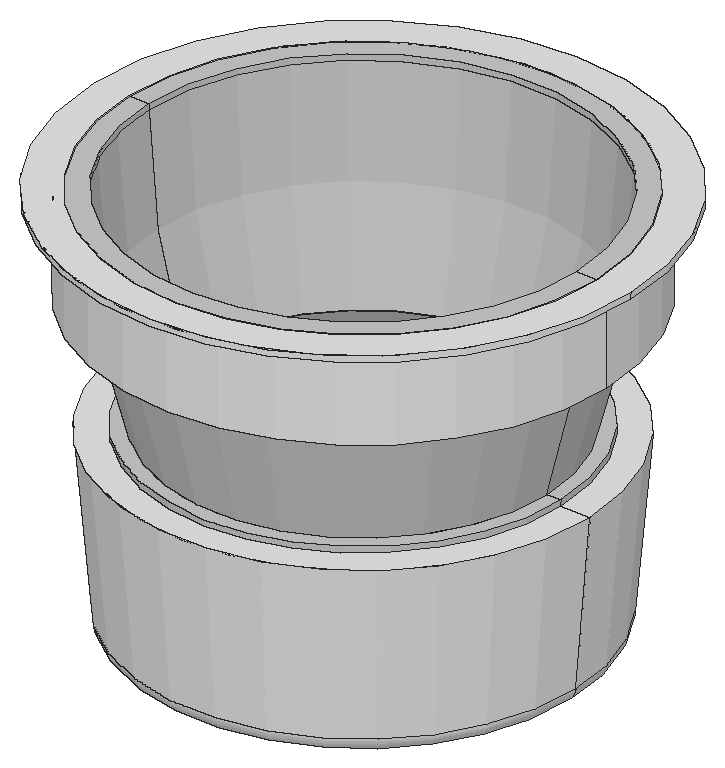
Revit family "2059361 Lighting Fixture_Sylvania_Ascent 150 II Round_Ceiling Recessed", category Lighting Fixtures, host Face, Revit 2017
Family settings
  Host = Face
  Round Connector Dimension = Use Diameter
  Part Type = Normal
  OmniClass Number = 23.80.70.11.17
  OmniClass Title = Specialized Lighting by Location or Use
  Cut with Voids When Loaded = No
  Light Source = Yes
  Shared = No
  Room Calculation Point = No
Parameters (values of type "ASCENT 150 II 2400 4K DALI")
  Upper Body Radius = Radius - 14.5 mm  # 80.0 mm
  Upper Body Material = Metal_Sylvania_Ascent 150 II_Black
  Ring Outer Diameter = Diameter - 17.0 mm  # 172.0 mm
  Ring Inner Diameter = Ring Outer Diameter - 4.0 mm  # 168.0 mm
  Reflector Material = Metal_Sylvania_Ascent 150 II_Polished
  Recessed Depth = 142.0 mm
  Radius = Diameter / 2  # 94.5 mm
  Light Emit  Diameter = Diameter - 38.0 mm  # 151.0 mm
  LOR = "100%"  # constant formula
  Inrush Current (max. quantity per 16A C breaker) = "80"  # constant formula
  Inner Reflector Radius = Inner Radius - 19.5 mm  # 63.0 mm
  Inner Radius = Inner Diameter / 2  # 82.5 mm
  Inner Diameter = Diameter - 24.0 mm  # 165.0 mm
  IP Rating = "IP44"  # constant formula
  IK Rating = "IK02"  # constant formula
  Glow Wire Test = 650 °C  # constant formula
  Energy Class = "A++,A+,A"  # constant formula
  Weight = 1.7 kg
  Wattage = 19.626 W
  built-in parameter 1150110 = 1 (stored number, unit not read)
  Voltage Comments = "UNV (Universal Voltage; 220-240 Volt)"  # constant formula
  Voltage = 230 V  # constant formula
  URL = "https://www.sylvania-lighting.com"
  built-in parameter 1114217 = 1 (stored number, unit not read)
  Tilt Angle = -90°
  built-in parameter 1150109 = 1 (stored number, unit not read)
  built-in parameter 1150134 = 12
  built-in parameter 1150113 = 1 (stored number, unit not read)
  Product Page URL = "https://www.sylvania-lighting.com/product/en-int/products/2059361"
  Product Family = "ASCENT 150 II ROUND"  # constant formula
  Photometry Comments = ""
  Photometric Web File = "2059361_ASCENT150II24004KDALI-206230.ies"
  Life = "50 000 h"  # constant formula
  Emit from Circle Diameter = Light Emit  Diameter  # 151.0 mm
  Emit Shape Visible in Rendering = no
  Emergency duration (h) = "N/A"
  Electrical Protection = "Class II"  # constant formula
  Drive Current = "700mA"  # constant formula
  Distribution type = "Direct"  # constant formula
  Diffuser Material = Glass_Sylvania_Ascent 150 II_Clear_4000K
  Diameter = 189.0 mm
  Cutout Diameter = Diameter - 13.0 mm  # 176.0 mm
  Colour consistency (SDCM) = "3 step"  # constant formula
  built-in parameter 1114216 [instance] = 1 (stored number, unit not read)
  Model = "ASCENT 150 II 2400 4K DALI"
  Manufacturer = "Feilo Sylvania"
  built-in parameter 1150105 = 1477.3 (stored number, unit not read)
  Lumens = 2414 lm
  built-in parameter 1150115 = 1 (stored number, unit not read)
  built-in parameter 1150137 = (empty or 0)
  built-in parameter 1150139 = (empty or 0)
  built-in parameter 1150112 = 1 (stored number, unit not read)
  built-in parameter 1150114 = 1 (stored number, unit not read)
  Lamp Comments = "Integrated LED"  # constant formula
  Lamp = "LED"  # constant formula
  built-in parameter 1150132 = 2
  built-in parameter 1150102 = (empty or 0)
  built-in parameter 1150107 = 4000 (stored number, unit not read)
  built-in parameter 1150138 = (empty or 0)
  built-in parameter 1150106 = 14.773 (stored number, unit not read)
  built-in parameter 1150104 = 11.427 (stored number, unit not read)
  Dimming Lamp Color Temperature Shift = <None>
  Description = "A very high efficient round downlight up to 127lm/W Long life >50,000hrs 4,000K and 3,000K CCT and CRI Ra85 IP44 rated for wet areas and bathrooms UGR <19 version for offices to comply with EN12464-1 Wide selection of decorative accessories"  # constant formula
  Default Elevation = 0.0 mm
  Color Filter = 16777215
  Catalog Number = "2059361 ASCENT 150 II 2400 4K DALI"
  built-in parameter 1140040 [instance] = 1
  CRI (Ra) = ">80"  # constant formula
  built-in parameter 1114218 = 1 (stored number, unit not read)
  built-in parameter 1150133 = 10 (stored number, unit not read)
  Assembly Code = "D5020200"
  Apparent Load Comments = ""
  Apparent Load = 19 VA
  Accessory Material = Aluminum_Sylvania_Ascent 150 II_White
Reference planes
  plane 1 "Center (Front/Back)": y = 0
  plane 2: z = 0
  plane 3 "Center (Left/Right)": x = 0
  plane 4: z = 2
  plane 5: z = -74
  plane 6 "Fixture Top": z = -140
  plane 7: z = -31
  plane 8: z = -72
  plane 9: z = -62.037
Forms (mm)
  Extrusion 1, solid, material "Aluminum_Sylvania_Ascent 150 II_White" <- "Accessory Material", detail levels fine
    sketch origin (0, 0, 0) x (1, 0, 0) y (0, 1, 0)
      loop
        circle (0, 0) r 94.5
      loop
        circle (0, 0) r 82.5
    from 0 to 2
  Extrusion 2, void
    sketch origin (0, 0, 0) x (1, 0, 0) y (0, 1, 0)
      loop
        circle (0, 0) r 88
    from -140 to 2
  Revolve 3, solid, material "Metal_Sylvania_Ascent 150 II_Polished" <- "Reflector Material", detail levels fine
    sketch origin (0, 0, 0) x (1, 0, 0) y (0, 0, 1)
      loop
        line (-82.5, 0) -> (-77.5, 0)
        arc (-77.5, 0) -> (-74.352, -36.539) -> (-65, -72) r 213.61
        line (-65, -72) -> (-70, -72) -> (-70, -74) -> (0, -74) -> (0, -72) -> (-63, -72)
        arc (-63, -72) -> (-72.352, -36.539) -> (-75.5, 0) r 213.61
        line (-75.5, 0) -> (-75.5, 2) -> (-82.5, 2) -> (-82.5, 0)
      axis (0, 2) -> (0, -74)
    angle from 0 to 360
  Extrusion 4, solid, material "Aluminum_Sylvania_Ascent 150 II_White" <- "Accessory Material", detail levels fine
    sketch origin (0, 0, 0) x (1, 0, 0) y (0, 1, 0)
      loop
        circle (0, 0) r 86
      loop
        circle (0, 0) r 84
    from -31 to 0
  Revolve 5, solid, material "Glass_Sylvania_Ascent 150 II_Clear_4000K" <- "Diffuser Material", detail levels fine
    sketch origin (0, 0, 0) x (1, 0, 0) y (0, 0, 1)
      loop
        line (-63, -72) -> (0, -72) -> (0, -62.037)
        arc (0, -62.037) -> (-31.891, -64.543) -> (-63, -72) r 204.163
      axis (0, -62.037) -> (0, -72)
    angle from 0 to 360
  Revolve 6, solid, material "Metal_Sylvania_Ascent 150 II_Black" <- "Upper Body Material", detail levels fine
    sketch origin (0, 0, 0) x (1, 0, 0) y (0, 0, 1)
      loop
        line (0, -74) -> (-80, -74) -> (-75.107, -129.929)
        arc (-75.107, -129.929) -> (-73.452, -133.536) -> (-69.924, -135.353) r 6.079
        arc (-69.924, -135.353) -> (-35.039, -138.837) -> (0, -140) r 528.435
        line (0, -140) -> (0, -74)
      axis (0, -74) -> (0, -140)
    angle from 0 to 360
  Revolve 7, solid, material "Aluminum_Sylvania_Ascent 150 II_White" <- "Accessory Material", detail levels coarse+medium
    sketch origin (0, 0, 0) x (1, 0, 0) y (0, 0, 1)
      loop
        arc (-69.924, -135.353) -> (-35.039, -138.837) -> (0, -140) r 528.435
        line (0, -140) -> (0, 2) -> (-94.5, 2) -> (-94.5, 0) -> (-86, 0) -> (-86, -31)
        arc (-86, -31) -> (-84.493, -52.708) -> (-80, -74) r 157.083
        line (-80, -74) -> (-75.107, -129.929)
        arc (-75.107, -129.929) -> (-73.452, -133.536) -> (-69.924, -135.353) r 6.079
      axis (0, 2) -> (0, -140)
    angle from 0 to 360
Cuts and joins
  joined: Extrusion 1, Extrusion 4
Lines and regions (mm)
  Masking region 1
    outline origin (0, 0, 0) x (1, 0, 0) y (0, 1, 0)
      loop
        circle (0, 0) r 94.5
  symbolic lines, detail levels fine
    curve 1: arc (-75.5, 0, 0) -> (0, 75.5, 0) -> (75.5, 0, 0) r 75.5
    curve 2: arc (75.5, 0, 0) -> (0, -75.5, 0) -> (-75.5, 0, 0) r 75.5
Dimensions and locks
  plane 4 to plane 2 to plane 7 to plane 9 to plane 8 to plane 5 = 2.0 mm locked, 31.0 mm locked, 31.037 mm locked, 9.963 mm locked, 2.0 mm locked
  "Inner Radius": plane 3 "Center (Left/Right)" to Revolve 3 sketch curve
  locked: Revolve 3 sketch curve to Revolve 3 sketch curve at 7
  Revolve 3 sketch curve to Revolve 3 sketch curve to Revolve 3 sketch curve to Revolve 3 sketch curve = 2.0 mm locked, 5.0 mm locked, 12.5 mm locked
  "Inner Reflector Radius": Revolve 5 sketch curve to imposter light
  Revolve 6 sketch curve to Revolve 6 sketch curve to plane 6 "Fixture Top" = 5.424 mm locked, 4.647 mm locked
  "Recessed Depth": plane 4 to plane 6 "Fixture Top"
  "Upper Body Radius": plane 3 "Center (Left/Right)" to Revolve 6 sketch curve
  Revolve 6 sketch curve to Revolve 6 sketch curve to Revolve 6 sketch curve = 4.893 mm locked, 5.183 mm locked
  Revolve 7 sketch curve to Revolve 7 sketch curve to plane 6 "Fixture Top" = 5.424 mm locked, 4.647 mm locked
  Revolve 7 sketch curve to Revolve 7 sketch curve to Revolve 7 sketch curve to Revolve 7 sketch curve to Revolve 7 sketch curve = 8.5 mm locked, 6.0 mm locked, 4.893 mm locked, 5.183 mm locked
  "Radius": plane 3 "Center (Left/Right)" to Revolve 7 sketch curve
  "Diameter": diameter of Extrusion 1 sketch curve
  "Inner Diameter": diameter of Extrusion 1 sketch curve
  "Cutout Diameter": diameter of Extrusion 2 sketch curve
  "Ring Outer Diameter": diameter of Extrusion 4 sketch curve
  "Ring Inner Diameter": diameter of Extrusion 4 sketch curve
  aligned and locked: plane 2 to host face
  aligned and locked: level to host face
  aligned and locked: imposter light to plane 3 "Center (Left/Right)"
  aligned and locked: imposter light to plane 1 "Center (Front/Back)"
  aligned and locked: Extrusion 1 to plane 2
  aligned and locked: plane 4 to Extrusion 1
  aligned and locked: imposter light to plane 4
  aligned and locked: imposter light to Revolve 3 sketch curve
  aligned and locked: Revolve 3 sketch curve to imposter light
  aligned and locked: Revolve 3 sketch curve to plane 2
  aligned and locked: Revolve 3 sketch curve to Revolve 3 sketch curve
  aligned and locked: plane 5 to Revolve 3 sketch curve
  aligned and locked: Extrusion 4 to plane 7
  aligned and locked: Revolve 3 sketch curve to plane 8
  aligned and locked: Revolve 5 sketch curve to plane 8
  aligned and locked: imposter light to Revolve 5 sketch curve  (x2)
  aligned and locked: imposter light to Revolve 6 sketch curve  (x2)
  aligned and locked: plane 5 to Revolve 6 sketch curve
  aligned and locked: plane 6 "Fixture Top" to Revolve 6 sketch curve
  aligned and locked: Revolve 7 sketch curve to plane 2
  aligned and locked: plane 4 to Revolve 7 sketch curve
  aligned and locked: plane 7 to Revolve 7 sketch curve
  aligned and locked: imposter light to Extrusion 2
  aligned and locked: Extrusion 2 to plane 6 "Fixture Top"
  aligned and locked: Masking region 1 sketch curve to Revolve 7  (x2)
  aligned and locked: curve 1 to Revolve 3
  aligned and locked: curve 2 to Revolve 3
Automatic sketch dimensions
  host sketch curve to host sketch curve = 1040.406 mm
  host sketch curve to host sketch curve = 988.385 mm
  Extrusion 1 sketch curve to Extrusion 1 sketch curve = 0.0 mm  (x2)
  plane 1 "Center (Front/Back)" to Extrusion 1 sketch curve = 0.0 mm
  Extrusion 1 sketch curve to plane 3 "Center (Left/Right)" = 0.0 mm
  plane 1 "Center (Front/Back)" to Extrusion 2 sketch curve = 0.0 mm
  Extrusion 2 sketch curve to plane 3 "Center (Left/Right)" = 0.0 mm
  Revolve 3 sketch curve to plane 3 "Center (Left/Right)" = 0.0 mm
  Revolve 3 sketch curve to level = 0.0 mm
  Revolve 3 sketch curve to Revolve 3 sketch curve = 2.0 mm
  Revolve 3 sketch curve to plane 5 = 27.065 mm
  plane 4 to Revolve 3 sketch curve = 16.525 mm
  Extrusion 4 sketch curve to Extrusion 4 sketch curve = 0.0 mm  (x2)
  plane 1 "Center (Front/Back)" to Extrusion 4 sketch curve = 0.0 mm
  Extrusion 4 sketch curve to plane 3 "Center (Left/Right)" = 0.0 mm
  Revolve 5 sketch curve to plane 9 = 0.0 mm
  Revolve 5 sketch curve to plane 5 = 17.158 mm
  Revolve 5 sketch curve to plane 7 = 15.158 mm
  Revolve 6 sketch curve to plane 7 = 0.0 mm
  Revolve 6 sketch curve to Revolve 6 sketch curve = 6.05 mm
  Revolve 6 sketch curve to plane 6 "Fixture Top" = 26.0 mm
  Revolve 7 sketch curve to plane 3 "Center (Left/Right)" = 0.0 mm  (x2)
  Revolve 7 sketch curve to plane 6 "Fixture Top" = 0.0 mm
  Revolve 7 sketch curve to plane 5 = 0.0 mm
  Revolve 7 sketch curve to plane 7 = 0.0 mm
  Revolve 7 sketch curve to Revolve 7 sketch curve = 0.866 mm
  Revolve 7 sketch curve to Revolve 7 sketch curve = 26.0 mm
Connectors
  electrical at (0, 0, -140), driven by "Apparent Load", driven by "Voltage"
    settings: index 1, voltage 230 V, apparent load 0 VA, apparent load phase1 19 VA, apparent load phase2 0 VA, apparent load phase3 0 VA, power factor 1, load classification "Lighting", number of poles 1, system type 31, power factor state 1, is connector primary yes, connector utility no, sub classification motor no, connector description ""
